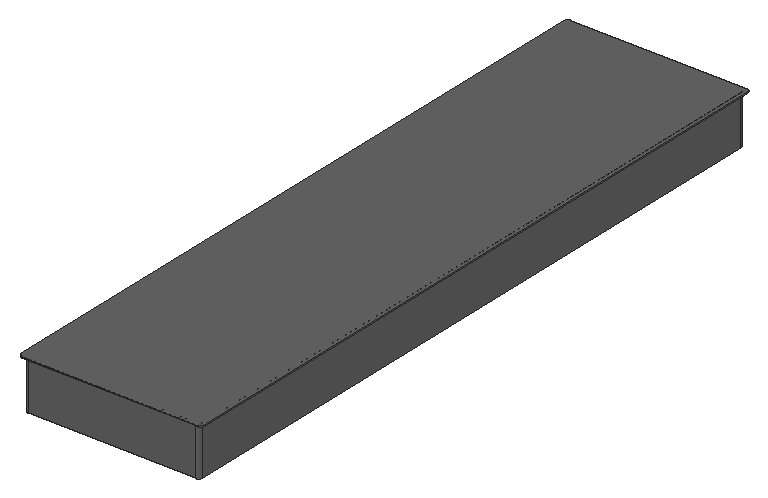
Revit family "Control_Panels-Lutron-QS_Smart_Power_Panel", category Electrical Equipment, host Face, Revit 2017
Family settings
  Host = Face
  Panel Configuration = Two Columns, Circuits Across
  Round Connector Dimension = Use Radius
  Part Type = Panelboard
  OmniClass Number = 23.80.30.11.17
  OmniClass Title = Distribution Boards and Control Panels
  Cut with Voids When Loaded = No
  Shared = No
  Room Calculation Point = No
Parameters (values of type "QSPS-30PNL-NPM - 120V")
  Wattage = ""
  Warranty URL = "http://www.lutron.com/en-US/Service-Support/Pages/Service/Warranty/Warranty.aspx"
  Voltage = "120.00 V"
  Video Link = "https://www.youtube.com/user/LutronElectronicsInc"
  Version = "2017 - v1.0a"  # constant formula
  Unit Weight = 0.00 lbf  # constant formula
  URL = "http://www.lutron.com"
  Type Comments = ""
  Support Phone = "(224) 699-9545"  # constant formula
  Support Email = "mailto: support@anguleris.com"
  built-in parameter 1140142 = (empty or 0)
  built-in parameter 1140080 [instance] = (empty or 0)
  Series = "Sivoia QS"  # constant formula
  Product Page URL = "http://www.lutron.com/en-US/Products/Pages/ShadingSystems/SivoiaQSWireless/Overview.aspx"
  Product Name = "30-Output Configurable Smart Enclosure"  # constant formula
  Product Documentation Link = "http://www.lutron.com/TechnicalDocumentLibrary/085592_SivoiaQS_30Output_ConfigurablePowerPanel.pdf"
  Power Factor = 1
  Phase = 1
  Performance URL = "http://www.lutron.com/en-US/Service-Support/Pages/Technical/PerfomanceSpecs.aspx"
  Panel Name [instance] = "Smart Enclosure (30PNL)"  # constant formula
  Overall Width = 15.875"  # constant formula
  Overall Height = 59.500"  # constant formula
  Overall Depth = 4.280"  # constant formula
  Number of Poles = 1
  Neutral Rating = 0.00%
  built-in parameter 1140145 = 1
  built-in parameter 1140081 [instance] = "Surface"
  built-in parameter 1140084 [instance] = (empty or 0)
  Model = "QSPS-30PNL-NPM"  # constant formula
  built-in parameter 1140079 [instance] = 8
  Material = ""
  Manufacturer Phone Number = "610-282-3800"  # constant formula
  Manufacturer Fax Number = "610-282-1243"  # constant formula
  Manufacturer Email = "mailto:support@lutron.com"
  Manufacturer Address = "7200 Suter Rd, Coopersburg, PA 18036"  # constant formula
  Manufacturer = "Lutron Electronics Co., Inc"  # constant formula
  Mains Type = ""
  built-in parameter 1140082 [instance] = 1 (stored number, unit not read)
  built-in parameter 1140140 = 1 (stored number, unit not read)
  Load Classification = Power
  Keynote = ""
  Instruction Sheet Link = "http://www.lutron.com/TechnicalDocumentLibrary/032164a.pdf"
  Ground Bus = yes
  Frequency = 60 Hz
  Finish = Steel - Lutron - Black
  Feed Through Control Circuit Voltage = 120 V
  Feed Through Control Circuit Load [instance] = 0 VA
  built-in parameter 1140138 [instance] = "120 V"
  built-in parameter 1140083 [instance] = "30-Output Configurable Smart Enclosure (Model 30PNL)"  # constant formula
  Electrical Potential = 120 V
  Electrical Connector Distance = 59.000"  # constant formula
  Description = "30-Output Configurable Smart Enclosure"  # constant formula
  Default Elevation = 0.000"
  Cost Info = "mailto:custsvc@lutron.com"
  Cost = 0
  Copyright = "© 2019 Lutron Electronics Co., Inc."  # constant formula
  built-in parameter 1140086 [instance] = (empty or 0)
  built-in parameter 1140085 [instance] = (empty or 0)
  built-in parameter 1140087 [instance] = 1
  built-in parameter 1140143 = (empty or 0)
  Assembly Code = "D5020"
  59 Panel Size = 1 = 1  # yes
Types (2): name | Voltage | Feed Through Control Circuit Voltage | built-in parameter 1140138 | Electrical Potential
  QSPS-30PNL-NPM - 120V | "120.00 V" | 120 V | "120 V" | 120 V
  QSPS-30PNL-NPM - 240V | "240.00 V" | 240 V | "240 V" | 240 V
Reference planes (in)
  plane 1 "Center (Front/Back)": y = 0
  plane 2: z = 0
  plane 3 "Center (Left/Right)": x = 0
  plane 4: z = 4.28
  plane 5: z = 4.34
  plane 6: y = 16
  plane 7: x = 7.5625
  plane 8: x = -7.5625
  plane 9: y = -0.25
  plane 10: x = -7.9375
  plane 11: x = 7.9375
  plane 12: y = 16.25
  plane 13: y = 36
  plane 14: y = 36.25
  plane 15: y = 59
  plane 16: y = 59.25
Forms (in)
  Extrusion 1, solid, material "Steel - Lutron - Black" <- "Finish", visible <- "59 Panel Size"
    sketch origin (-59.66797, -180, 12) x (-1, 0, 0) y (0, -1, 0)
      loop
        arc (-52.43838, -239) -> (-52.20298, -238.90249) -> (-52.10547, -238.66709) r 0.33291
        line (-52.10547, -238.66709) -> (-52.10547, -180.33203)
        arc (-52.10547, -180.33203) -> (-52.20272, -180.09725) -> (-52.4375, -180) r 0.33203
        line (-52.4375, -180) -> (-66.89844, -180)
        arc (-66.89844, -180) -> (-67.13322, -180.09725) -> (-67.23047, -180.33203) r 0.33203
        line (-67.23047, -180.33203) -> (-67.23047, -238.66797)
        arc (-67.23047, -238.66797) -> (-67.13322, -238.90275) -> (-66.89844, -239) r 0.33203
        line (-66.89844, -239) -> (-52.43838, -239)
    from -12 to -7.72
  Extrusion 2, solid, material "Steel - Lutron - Black" <- "Finish", visible <- "59 Panel Size"
    sketch origin (-60, -180, 12) x (-1, 0, 0) y (0, -1, 0)
      loop
        arc (-52.39541, -239.25) -> (-52.16001, -239.15249) -> (-52.0625, -238.91709) r 0.33291
        line (-52.0625, -238.91709) -> (-52.0625, -180.08203)
        arc (-52.0625, -180.08203) -> (-52.15975, -179.84725) -> (-52.39453, -179.75) r 0.33203
        line (-52.39453, -179.75) -> (-67.60547, -179.75)
        arc (-67.60547, -179.75) -> (-67.84025, -179.84725) -> (-67.9375, -180.08203) r 0.33203
        line (-67.9375, -180.08203) -> (-67.9375, -238.91797)
        arc (-67.9375, -238.91797) -> (-67.84025, -239.15275) -> (-67.60547, -239.25) r 0.33203
        line (-67.60547, -239.25) -> (-52.39541, -239.25)
    from -7.72 to -7.66
Lines and regions (in)
  Masking region 1, detail levels medium+fine
    outline origin (0, 0, 0) x (1, 0, 0) y (0, 0, 1)
      loop
        line (7.9375, 4.28) -> (7.9375, 4.34) -> (-7.9375, 4.34) -> (-7.9375, 4.28) -> (-7.5625, 4.28) -> (-7.5625, 0) -> (7.5625, 0) -> (7.5625, 4.28) -> (7.9375, 4.28)
  Split face 1
    outline origin (-60, -180, 4.34) x (-1, 0, 0) y (0, -1, 0)
      loop
        line (-53.25, -238.37519) -> (-53.25, -234.62519) -> (-66.75, -234.62519) -> (-66.75, -238.37519) -> (-53.25, -238.37519)
  Split face 2
    outline origin (-60, -180, 4.34) x (-1, 0, 0) y (0, -1, 0)
      loop
        line (-66.75, -228.95116) -> (-56.93792, -228.95116) -> (-56.93792, -227.95116) -> (-66.75, -227.95116) -> (-66.75, -228.95116)
  Split face 3
    outline origin (-60, -180, 4.34) x (-1, 0, 0) y (0, -1, 0)
      loop
        line (-66.75, -223.45116) -> (-56.93792, -223.45116) -> (-56.93792, -222.45116) -> (-66.75, -222.45116) -> (-66.75, -223.45116)
  Split face 4
    outline origin (-60, -180, 4.34) x (-1, 0, 0) y (0, -1, 0)
      loop
        line (-56.93792, -217.95116) -> (-56.93792, -216.95116) -> (-66.75, -216.95116) -> (-66.75, -217.95116) -> (-56.93792, -217.95116)
  Split face 5
    outline origin (-60, -180, 4.34) x (-1, 0, 0) y (0, -1, 0)
      loop
        line (-56.93792, -212.45116) -> (-56.93792, -211.45116) -> (-66.75, -211.45116) -> (-66.75, -212.45116) -> (-56.93792, -212.45116)
  Split face 6
    outline origin (-60, -180, 4.34) x (-1, 0, 0) y (0, -1, 0)
      loop
        line (-56.93792, -206.95116) -> (-56.93792, -205.95116) -> (-66.75, -205.95116) -> (-66.75, -206.95116) -> (-56.93792, -206.95116)
  Split face 7
    outline origin (-60, -180, 4.34) x (-1, 0, 0) y (0, -1, 0)
      loop
        line (-56.93792, -201.45116) -> (-56.93792, -200.45116) -> (-66.75, -200.45116) -> (-66.75, -201.45116) -> (-56.93792, -201.45116)
  Split face 8
    outline origin (-60, -180, 4.34) x (-1, 0, 0) y (0, -1, 0)
      loop
        line (-56.93792, -195.95116) -> (-56.93792, -194.95116) -> (-66.75, -194.95116) -> (-66.75, -195.95116) -> (-56.93792, -195.95116)
  Split face 9
    outline origin (-60, -180, 4.34) x (-1, 0, 0) y (0, -1, 0)
      loop
        line (-53.25, -188.37492) -> (-53.25, -181.82804) -> (-66.75, -181.82804) -> (-66.75, -188.37492) -> (-53.25, -188.37492)
  Masking region 2, detail levels coarse
    outline origin (0, 0, 0) x (1, 0, 0) y (0, 0, 1)
      loop
        line (-7.9375, 4.34) -> (-7.9375, 0) -> (7.9375, 0) -> (7.9375, 4.34) -> (-7.9375, 4.34)
  symbolic lines, detail levels fine
    curve 1: line (7.5625, 0, 4.28) -> (-7.5625, 0, 4.28)
  reference lines
    curve 2: line (0.00044, 59, 2.17) -> (33.25044, 59, 2.17)
Dimensions and locks (in)
  plane 4 to level = 4.280"
  host sketch curve to plane 3 "Center (Left/Right)" = 48.000"  (x2)
  locked: host sketch curve to plane 3 "Center (Left/Right)" at 48  (x22)
  locked: host sketch curve to plane 1 "Center (Front/Back)" at 49.60406  (x11)
  host sketch curve to plane 1 "Center (Front/Back)" = 49.60406"
  locked: host sketch curve to plane 1 "Center (Front/Back)" at 48  (x11)
  host sketch curve to plane 1 "Center (Front/Back)" = 48.000"
  plane 8 to plane 7 = 15.125"
  plane 10 to plane 11 = 15.875"
  plane 1 "Center (Front/Back)" to plane 6 = 16.000"
  plane 9 to plane 12 = 16.500"
  plane 1 "Center (Front/Back)" to plane 13 = 36.000"
  plane 1 "Center (Front/Back)" to plane 15 = 59.000"
  "Electrical Connector Distance": plane 1 "Center (Front/Back)" to curve 2
  Extrusion 2 sketch curve to plane 1 "Center (Front/Back)" to Extrusion 2 sketch curve = 0.250" locked, 59.250" locked
  Extrusion 2 sketch curve to plane 3 "Center (Left/Right)" to Extrusion 2 sketch curve = 7.9375" locked, 7.9375" locked
  plane 1 "Center (Front/Back)" to Extrusion 1 sketch curve to Extrusion 1 sketch curve = 0.000" locked, 59.000" locked
  Extrusion 1 sketch curve to plane 3 "Center (Left/Right)" to Extrusion 1 sketch curve = 7.5625" locked, 7.5625" locked
  Extrusion 2 to Extrusion 2 to level to Extrusion 1 = 0.060", 4.280", 0.000" locked
  aligned and locked: plane 2 to host face
  aligned and locked: level to host face
  aligned and locked: plane 11 to Masking region 2 sketch curve
  aligned and locked: Masking region 2 sketch curve to plane 5
  aligned and locked: plane 10 to Masking region 2 sketch curve
  aligned and locked: plane 2 to Masking region 2 sketch curve
Automatic sketch dimensions
  curve 1 to plane 4 = 0.000"
  curve 1 to plane 8 = 0.000"
  plane 7 to curve 1 = 0.000"
  Masking region 1 sketch curve to plane 4 = 0.000"  (x2)
  Masking region 1 sketch curve to plane 10 = 0.000"
  Masking region 1 sketch curve to level = 0.000"
  Masking region 1 sketch curve to plane 8 = 0.000"
  plane 7 to Masking region 1 sketch curve = 0.000"
  Masking region 1 sketch curve to plane 5 = 0.000"
  plane 11 to Masking region 1 sketch curve = 0.000"
  Extrusion 1 sketch curve to plane 1 "Center (Front/Back)" = 0.33203"
  plane 7 to Extrusion 1 sketch curve = 0.33203"
  Extrusion 1 sketch curve to Extrusion 1 sketch curve = 0.33291"
  plane 8 to Extrusion 1 sketch curve = 0.33203"
  Extrusion 2 sketch curve to plane 7 = 0.04297"  (x2)
  Extrusion 2 sketch curve to plane 8 = 0.04209"
  Extrusion 2 sketch curve to plane 8 = 0.04297"
  Split face 1 sketch curve to Extrusion 2 = 1.1875"  (x2)
  Split face 1 sketch curve to Extrusion 2 = 0.87481"
  Split face 1 sketch curve to Split face 1 sketch curve = 3.750"
  Split face 2 sketch curve to Extrusion 2 = 1.1875"
  Split face 2 sketch curve to Extrusion 2 = 4.87542"
  Split face 2 sketch curve to Extrusion 2 = 10.29884"
  Split face 2 sketch curve to Split face 2 sketch curve = 1.000"
  Split face 3 sketch curve to Extrusion 2 = 1.1875"
  Split face 3 sketch curve to Extrusion 2 = 4.87542"
  Split face 3 sketch curve to Extrusion 2 = 15.79884"
  Split face 3 sketch curve to Split face 3 sketch curve = 1.000"
  Split face 4 sketch curve to Extrusion 2 = 1.1875"
  Split face 4 sketch curve to Extrusion 2 = 4.87542"
  Split face 4 sketch curve to Extrusion 2 = 21.29884"
  Split face 4 sketch curve to Split face 4 sketch curve = 1.000"
  Split face 5 sketch curve to Extrusion 2 = 1.1875"
  Split face 5 sketch curve to Extrusion 2 = 4.87542"
  Split face 5 sketch curve to Extrusion 2 = 26.79884"
  Split face 5 sketch curve to Split face 5 sketch curve = 1.000"
  Split face 6 sketch curve to Extrusion 2 = 1.1875"
  Split face 6 sketch curve to Extrusion 2 = 4.87542"
  Split face 6 sketch curve to Extrusion 2 = 27.20116"
  Split face 6 sketch curve to Split face 6 sketch curve = 1.000"
  Split face 7 sketch curve to Extrusion 2 = 1.1875"
  Split face 7 sketch curve to Extrusion 2 = 4.87542"
  Split face 7 sketch curve to Extrusion 2 = 21.70116"
  Split face 7 sketch curve to Split face 7 sketch curve = 1.000"
  Split face 8 sketch curve to Extrusion 2 = 1.1875"
  Split face 8 sketch curve to Extrusion 2 = 4.87542"
  Split face 8 sketch curve to Extrusion 2 = 16.20116"
  Split face 8 sketch curve to Split face 8 sketch curve = 1.000"
  Split face 9 sketch curve to Extrusion 2 = 1.1875"  (x2)
  Split face 9 sketch curve to Extrusion 2 = 8.62492"
  Split face 9 sketch curve to Extrusion 2 = 2.07804"
  curve 2 to plane 11 = 25.31294"
  plane 3 "Center (Left/Right)" to curve 2 = 0.00044"
Connectors (in)
  electrical at (0.00044, 59, 2.17), driven by "Number of Poles", driven by "Load Classification", driven by "Electrical Potential", driven by "Feed Through Control Circuit Load", driven by "Power Factor"
    settings: on curve 2, index 4, voltage 120 V, apparent load 0 VA, apparent load phase1 0 VA, apparent load phase2 0 VA, apparent load phase3 0 VA, power factor 1, load classification "Power", number of poles 1, system type 31, power factor state 1, is connector primary yes, connector utility no, sub classification motor no, connector description "Power Connection"
